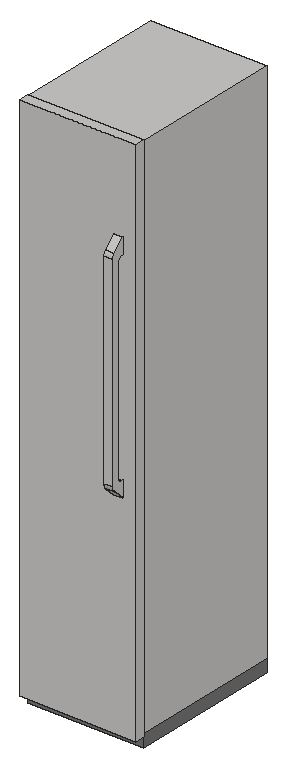
Revit family "DRZ18980LAP", category Specialty Equipment, Revit 2014
Parameters (values of type "DRZ18980LAP")
  Width = 17 3/4"
  Volts (V) = "115"
  Unit = Stainless Steel
  Total Unit Gross Capacity (cu.ft.) - AHAM = "9.5 cu. ft."
  Support = Plastic-Black
  Special Modes = "Sabbath Mode"
  Shelf Material = "Tempered, Metal Trim, Spill-Proof"
  Refrigerator Gross Capacity (cu.ft.) = "9.5 cu. ft."
  Push-To-Open™ Door Assist = "Yes"
  Precise Cooling = "Yes"
  Power Freeze = "Yes"
  Power Cord Length (in.) = "78 3/4\""
  Plug Type = "120 V, 3 Prong"
  Panel Ready = "Yes"
  Model = "DRZ18980LAP"
  Manufacturer = "Dacor"
  Lighting = "3DLighting™"
  Interior Material = "SteelCool™ Stainless Steel Interior"
  Ice Maker = "Standard Icemaker"
  Hidden Compartment with Flip-up cover = "No"
  Height = 83 3/8"
  Handle = Stainless Steel
  Full Width Shelves = "3 ea"
  Full Extension Drawers at 90º Door Opening Angle = "Yes"
  Frequency (Hz) = "60"
  Freezer Drawer = "2 ea"
  Freezer - Power Freeze = "-8° (-23°)"
  Freezer = "5°(-15°) to -8° (-23°)"
  ENERGY STAR® Qualified = "Yes"
  Door Swing = "Left"
  Door Open Alarm = "Yes"
  Door Bins = "4 ea"
  Door = Stainless Steel
  Description = "18-INCH FREEZER COLUMN, LEFT-HINGE"
  Depth = 25"
  Defrost Process = "Frost-Free"
  Dedicated Evaporator & Compressor System = "Yes"
  Current (A) = "3"
  Annual Energy Consumption = "465 kWy/year"
Reference planes (in)
  plane 1 "Center (Front/Back)": y = 0
  plane 2: z = 0
  plane 3 "Center (Left/Right)": x = 0
  plane 4: y = 12.5
  plane 5: y = -12.5
  plane 6: x = -8.875
  plane 7: x = 8.875
  plane 8: z = 83.375
  plane 9: z = 2
  plane 10: y = -14.375
  plane 11: y = -11
Forms (in)
  Extrusion 1, solid, material "Stainless Steel" <- "Unit"
    sketch origin (0, 0, 0) x (1, 0, 0) y (0, 1, 0)
      loop
        line (-8.875, -11) -> (-7.875, -11) -> (-7.875, 11.375) -> (7.875, 11.375) -> (7.875, -11) -> (8.875, -11) -> (8.875, 12.5) -> (-8.875, 12.5) -> (-8.875, -11)
    from 2 to 83.375
  Extrusion 2, solid, material "Stainless Steel" <- "Handle"
    sketch origin (0, 0, 0) x (1, 0, 0) y (0, 0, 1)
      loop
        line (-8.875, 1.57503) -> (8.875, 1.57503) -> (8.875, 83.5) -> (-8.875, 83.5) -> (-8.875, 1.57503)
    from 11 to 12.5
  Extrusion 3, solid, material "Plastic-Black" <- "Support"
    sketch origin (0, 0, 0) x (0, 1, 0) y (0, 0, 1)
      loop
        line (12.5, 2) -> (-11, 2) -> (-11, 0) -> (12.5, 0) -> (12.5, 2)
    from -8.875 to 8.875
  Extrusion 4, solid, material "Stainless Steel" <- "Unit"
    sketch origin (0, 0, 83.375) x (1, 0, 0) y (0, 1, 0)
      loop
        line (-7.875, 11.375) -> (-7.875, -11) -> (7.875, -11) -> (7.875, 11.375) -> (-7.875, 11.375)
    from 0 to -1.14126
  Extrusion 5, solid, material "Stainless Steel" <- "Handle"
    sketch origin (1.25, 0, 0) x (0, 1, 0) y (0, 0, -1)
      loop
        line (-12.5, -70.125) -> (-12.5, -67.65625) -> (-12.96875, -67.65625) -> (-13.4375, -67.1875) -> (-13.4375, -64.9375) -> (-14.375, -64.9375) -> (-14.375, -67.83579)
        arc (-14.375, -67.83579) -> (-14.29888, -68.21847) -> (-14.08211, -68.54289) r 1
        line (-14.08211, -68.54289) -> (-12.5, -70.125)
    from -5.55491 to -4.21363
  Extrusion 6, solid, material "Stainless Steel" <- "Handle"
    sketch origin (1.25, 0, 104.5) x (0, 1, 0) y (0, 0, -1)
      loop
        line (-12.5, 70.25) -> (-14.00888, 68.74112)
        arc (-14.00888, 68.74112) -> (-14.27985, 68.33559) -> (-14.375, 67.85723) r 1.25
        line (-14.375, 67.85723) -> (-14.375, 65.0625) -> (-13.4375, 65.0625) -> (-13.4375, 67.3125) -> (-12.96875, 67.78125) -> (-12.5, 67.78125) -> (-12.5, 70.25)
    from -5.55491 to -4.21363
  Extrusion 7, solid, material "Stainless Steel" <- "Handle"
    sketch origin (0, 0, 0) x (-1, 0, 0) y (0, -1, 0)
      loop
        line (-6.80491, 13.4375) -> (-5.46363, 13.4375) -> (-5.46363, 14.375) -> (-6.80491, 14.375) -> (-6.80491, 13.4375)
    from 65.0625 to 39.4375
Cuts and joins
  joined: Extrusion 1, Extrusion 4
  joined: Extrusion 5, Extrusion 6, Extrusion 7
Dimensions and locks (in)
  equal spacing: plane 6, plane 3 "Center (Left/Right)", plane 7
  "Width": plane 6 to plane 7
  equal spacing: plane 4, plane 1 "Center (Front/Back)", plane 5
  "Depth": plane 4 to plane 5
  "Height": plane 8 to plane 2
  plane 9 to plane 2 = 2"
  plane 5 to plane 10 = 1 7/8"
  plane 11 to plane 5 = 1 1/2"
  Extrusion 3 to Extrusion 3 = 17 3/4"
  Extrusion 2 to Extrusion 3 = 25"
  Extrusion 3 to cut or joined group of Extrusion 1, Extrusion 4 = 83 3/8"
  aligned and locked: level to plane 2
  aligned and locked: Extrusion 3 to plane 6
  aligned and locked: plane 7 to Extrusion 3
Automatic sketch dimensions
  Extrusion 1 sketch curve to plane 6 = 0"
  Extrusion 1 sketch curve to plane 11 = 0"  (x2)
  Extrusion 1 sketch curve to plane 7 = 0"
  Extrusion 1 sketch curve to plane 4 = 0"
  Extrusion 1 sketch curve to Extrusion 1 sketch curve = 1"
  Extrusion 1 sketch curve to plane 7 = 1"
  Extrusion 1 sketch curve to plane 4 = 1 1/8"
  Extrusion 2 sketch curve to plane 6 = 0"
  Extrusion 2 sketch curve to plane 7 = 0"
  Extrusion 2 sketch curve to plane 9 = 0.42497"
  plane 8 to Extrusion 2 sketch curve = 1/8"
  Extrusion 3 sketch curve to plane 9 = 0"
  Extrusion 3 sketch curve to plane 11 = 0"
  Extrusion 3 sketch curve to level = 0"
  Extrusion 3 sketch curve to plane 4 = 0"
  Extrusion 1 to Extrusion 4 sketch curve = 0"  (x2)
  Extrusion 4 sketch curve to Extrusion 1 = 0"  (x2)
  Extrusion 5 sketch curve to plane 10 = 0"
  Extrusion 5 sketch curve to plane 5 = 0"
  Extrusion 5 sketch curve to plane 10 = 0.29289"
  Extrusion 5 sketch curve to plane 5 = 15/16"
  Extrusion 5 sketch curve to Extrusion 5 sketch curve = 1/16"
  Extrusion 5 sketch curve to Extrusion 5 sketch curve = 13/32"
  Extrusion 5 sketch curve to plane 8 = 13 1/4"
  Extrusion 5 sketch curve to Extrusion 5 sketch curve = 1.58211"
  Extrusion 5 sketch curve to Extrusion 5 sketch curve = 0.17954"
  Extrusion 5 sketch curve to Extrusion 5 sketch curve = 0.64829"
  Extrusion 5 sketch curve to Extrusion 5 sketch curve = 2 1/4"
  Extrusion 6 sketch curve to plane 10 = 0"
  Extrusion 6 sketch curve to plane 5 = 0"
  Extrusion 6 sketch curve to plane 10 = 0.36612"
  Extrusion 6 sketch curve to plane 5 = 15/16"
  Extrusion 6 sketch curve to plane 5 = 5/8"
  Extrusion 6 sketch curve to Extrusion 6 sketch curve = 5/32"
  plane 9 to Extrusion 6 sketch curve = 37 7/16"
  Extrusion 6 sketch curve to Extrusion 6 sketch curve = 2 1/4"
  Extrusion 6 sketch curve to Extrusion 6 sketch curve = 15/32"
  Extrusion 6 sketch curve to Extrusion 6 sketch curve = 0.54473"
  Extrusion 6 sketch curve to Extrusion 6 sketch curve = 1.50888"
  plane 10 to Extrusion 7 sketch curve = 0"
  plane 7 to Extrusion 7 sketch curve = 2.07009"
  Extrusion 7 sketch curve to Extrusion 7 sketch curve = 1.34127"
  plane 5 to Extrusion 7 sketch curve = 15/16"
